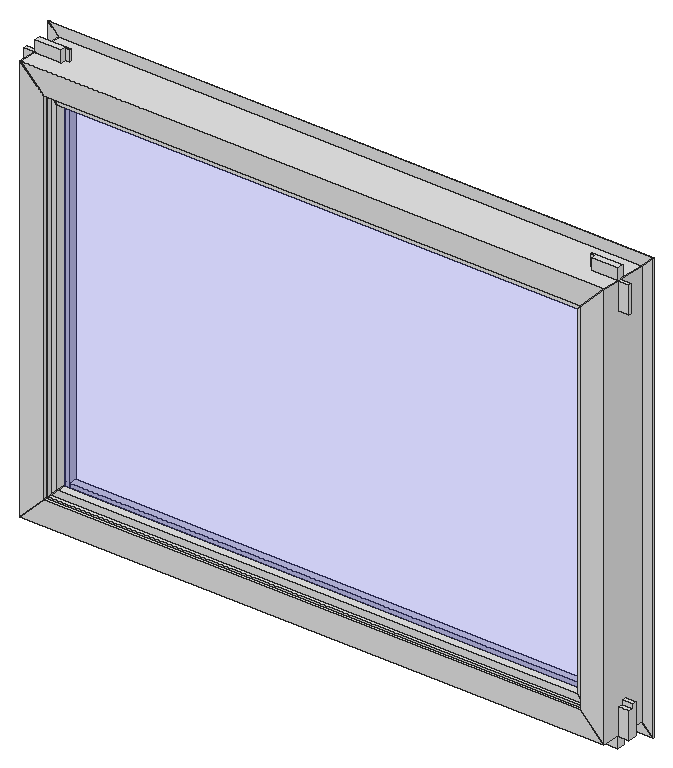
Revit family "511_AWN_DBS_nailfin", category Windows, host Wall, Revit 2019
Family settings
  Host = Wall
  OmniClass Number = 23.30.20.00
  OmniClass Title = Windows
  Always vertical = Yes
  Cut with Voids When Loaded = No
  Shared = No
  Room Calculation Point = No
Parameters (values of type "60x42 Max")
  Setback [instance] = 0"
  MLW = 1 / 8 * Width  # 7 1/2"
  Interior Color [instance] = White
  Height = 42"
  Exterior Color [instance] = White
  Default Sill Height = 31.49606"
  Wall Closure = By host
  Width = 60"
Types (41): name | MLW | Height | Width
  (no name) | 7 1/2" | 42" | 60"
  24x24 | 3" | 24" | 24"
  36x36 | 4 1/2" | 36" | 36"
  24x30 | 3" | 30" | 24"
  24x18 | 3" | 18" | 24"
  24x36 | 3" | 36" | 24"
  24x42 | 3" | 42" | 24"
  18x18 Min | 2 1/4" | 18" | 18"
  18x24 | 2 1/4" | 24" | 18"
  18x30 | 2 1/4" | 30" | 18"
  18x36 | 2 1/4" | 36" | 18"
  18x42 | 2 1/4" | 42" | 18"
  30x18 | 3 3/4" | 18" | 30"
  30x24 | 3 3/4" | 24" | 30"
  30x30 | 3 3/4" | 30" | 30"
  30x36 | 3 3/4" | 36" | 30"
  30x42 | 3 3/4" | 42" | 30"
  36x18 | 4 1/2" | 18" | 36"
  36x24 | 4 1/2" | 24" | 36"
  36x30 | 4 1/2" | 30" | 36"
  36x42 | 4 1/2" | 42" | 36"
  42x18 | 5 1/4" | 18" | 42"
  42x24 | 5 1/4" | 24" | 42"
  42x30 | 5 1/4" | 30" | 42"
  42x36 | 5 1/4" | 36" | 42"
  42x42 | 5 1/4" | 42" | 42"
  48x18 | 6" | 18" | 48"
  48x24 | 6" | 24" | 48"
  48x30 | 6" | 30" | 48"
  48x36 | 6" | 36" | 48"
  48x42 | 6" | 42" | 48"
  54x18 | 6 3/4" | 18" | 54"
  54x24 | 6 3/4" | 24" | 54"
  54x30 | 6 3/4" | 30" | 54"
  54x36 | 6 3/4" | 36" | 54"
  54x42 | 6 3/4" | 42" | 54"
  60x18 | 7 1/2" | 18" | 60"
  60x24 | 7 1/2" | 24" | 60"
  60x30 | 7 1/2" | 30" | 60"
  60x36 | 7 1/2" | 36" | 60"
  60x42 Max | 7 1/2" | 42" | 60"
Reference planes (in)
  plane 1 "Center (Front/Back)": y = 0
  plane 2 "Center (Left/Right)": x = -0.4862
  plane 3 "Left": x = -30.4862
  plane 4 "Right": x = 29.5138
  plane 5 "Sill": z = 31.49606
  plane 6 "Head": z = 73.49606
  plane 7 "Exterior": y = 3.93701
  plane 8 "Interior": y = -3.93701
  plane 9 "Front of wall": y = 3.93701
  plane 10: z = 33.55806
  plane 11: z = 71.45106
  plane 12: x = 28.4232
  plane 13 "Offset": y = 3.93701
  plane 14: y = 3.12451
  plane 15 "Center of Glass": y = 0.90127
Forms (in)
  Sweep 1, void
    path in 3D
      loop
        line (27.84347, 1.49951, 73.49606) -> (27.84347, 10.39845, 73.49606)
    profile origin (27.84347, 5.94898, 73.49606) x (-1, 0, 0) y (0, 0, 1)
      loop
        line (-3.37198, 1.70165) -> (0.95417, -2.6245) -> (0.95417, -3.18759) -> (2.45417, -3.18759) -> (2.45417, 1.70165) -> (-3.37198, 1.70165)
  Sweep 2, void
    path in 3D
      loop
        line (27.84347, 1.12165, 73.49606) -> (27.84347, 5.72292, 73.49606)
    profile origin (27.84347, 3.42229, 73.49606) x (-1, 0, 0) y (0, 0, 1)
      loop
        line (0.95417, -2.6245) -> (-3.6734, 2.00306) -> (-3.6734, -5) -> (0.95417, -5) -> (0.95417, -2.6245)
  Sweep 3, void
    path in 3D
      loop
        line (-28.46175, 5.23392, 73.49606) -> (-28.46175, 1.48392, 73.49606)
    profile origin (-28.46175, 3.35892, 73.49606) x (1, 0, 0) y (0, 0, 1)
      loop
        line (-3.4761, 1.45165) -> (0.60005, -2.6245) -> (0.60005, -3.18759) -> (3.78805, -3.18759) -> (3.78805, 1.45165) -> (-3.4761, 1.45165)
  Sweep 4, void
    path in 3D
      loop
        line (-28.46175, 5.23392, 73.49606) -> (-28.46175, 1.23392, 73.49606)
    profile origin (-28.46175, 3.23392, 73.49606) x (1, 0, 0) y (0, 0, 1)
      loop
        line (-4.10729, 2.08284) -> (-4.10729, -5.10876) -> (0.60005, -5.10876) -> (0.60005, -2.6245) -> (-4.10729, 2.08284)
  Sweep 5, void
    path in 3D
      loop
        line (-26.96175, 5.23392, 31.49606) -> (-26.96175, 1.73392, 31.49606)
    profile origin (-26.96175, 3.48392, 31.49606) x (1, 0, 0) y (0, 0, 1)
      loop
        line (-5.06956, -1.54511) -> (1.62765, -1.54511) -> (1.62765, 3.18759) -> (-0.89995, 3.18759) -> (-0.89995, 2.6245) -> (-5.06956, -1.54511)
  Sweep 6, void
    path in 3D
      loop
        line (-26.96175, 5.23392, 31.49606) -> (-26.96175, 1.48392, 31.49606)
    profile origin (-26.96175, 3.35892, 31.49606) x (1, 0, 0) y (0, 0, 1)
      loop
        line (-0.89995, 2.6245) -> (-0.89995, 5.03805) -> (-5.14995, 5.03805) -> (-5.14995, -1.6255) -> (-0.89995, 2.6245)
  Sweep 7, void
    path in 3D
      loop
        line (26.34347, 5.64845, 31.49606) -> (26.34347, 1.76169, 31.49606)
    profile origin (26.34347, 3.70507, 31.49606) x (1, 0, 0) y (0, 0, 1)
      loop
        line (5.80857, -2.63824) -> (5.80857, 4.43198) -> (0.54583, 4.43198) -> (0.54583, 2.6245) -> (5.80857, -2.63824)
  Extrusion 8, void
    sketch origin (0, 3.93701, 0) x (1, 0, 0) y (0, 0, 1)
      loop
        line (-32.56904, 75.5789) -> (-32.56904, 68.24606) -> (-25.2362, 68.24606) -> (-32.56904, 75.5789)
    from 3.10843 to 19.25
  Extrusion 9, void
    sketch origin (0, 3.93701, 0) x (1, 0, 0) y (0, 0, 1)
      loop
        line (-32.73412, 75.74399) -> (-25.97636, 68.98622) -> (-25.97636, 75.74399) -> (-32.73412, 75.74399)
    from 3.10843 to 19.25
  Extrusion 10, void
    sketch origin (0, 3.93701, 0) x (1, 0, 0) y (0, 0, 1)
      loop
        line (30.6388, 74.62106) -> (24.72636, 74.62106) -> (24.72636, 68.70862) -> (30.6388, 74.62106)
    from 3.03574 to 11.43382
  Extrusion 11, void
    sketch origin (0, 3.93701, 0) x (1, 0, 0) y (0, 0, 1)
      loop
        line (32.77364, 76.75591) -> (24.07621, 68.05847) -> (32.77364, 68.05847) -> (32.77364, 76.75591)
    from 3.03574 to 19.25
  Extrusion 12, void
    sketch origin (0, 3.93701, 0) x (1, 0, 0) y (0, 0, 1)
      loop
        line (32.15627, 28.8536) -> (23.97636, 37.03351) -> (23.97636, 28.8536) -> (32.15627, 28.8536)
    from 3.03856 to 17.25
  Extrusion 13, void
    sketch origin (0, 3.93701, 0) x (1, 0, 0) y (0, 0, 1)
      loop
        line (31.77364, 29.23622) -> (31.77364, 37.93366) -> (23.07621, 37.93366) -> (31.77364, 29.23622)
    from 3.03856 to 17.25
  Extrusion 14, void
    sketch origin (0, 3.93701, 0) x (1, 0, 0) y (0, 0, 1)
      loop
        line (-23.4862, 38.49606) -> (-33.65704, 38.49606) -> (-33.65704, 28.32522) -> (-23.4862, 38.49606)
    from 3.14551 to 17.25
  Extrusion 15, void
    sketch origin (0, 3.93701, 0) x (1, 0, 0) y (0, 0, 1)
      loop
        line (-32.9862, 28.99606) -> (-24.97636, 28.99606) -> (-24.97636, 37.00591) -> (-32.9862, 28.99606)
    from 3.14551 to 17.25
  Extrusion 16, solid, material "White" <- "Interior Color"
    sketch origin (0, 0, 31.49606) x (0, -1, 0) y (1, 0, 0)
      loop
        line (0.98299, -30.4862) -> (0.98299, -28.1112) -> (0.60799, -28.1112) -> (0.60799, -27.9232) -> (0.28299, -27.9232) -> (0.28299, -27.2367) -> (-0.60451, -27.2367) -> (-0.60451, -27.7367) -> (-1.34901, -27.7367) -> (-1.34901, -27.2987) -> (-2.12701, -27.2987) -> (-2.12701, -27.8617) -> (-2.16701, -27.8617) -> (-2.16701, -29.86882) -> (-2.57636, -29.92635) -> (-5.01701, -30.05432) -> (-5.01701, -30.4862) -> (-4.01701, -30.4862) -> (-4.01701, -31.6112) -> (-3.93701, -31.6112) -> (-3.93701, -30.4862) -> (0.98299, -30.4862)
    from -1.125 to 43.125
  Extrusion 17, solid, material "White" <- "Interior Color"
    sketch origin (29.5138, 0, 0) x (0, -1, 0) y (0, 0, 1)
      loop
        line (0.98299, 73.49606) -> (-3.93701, 73.49606) -> (-3.93701, 74.62106) -> (-4.01701, 74.62106) -> (-4.01701, 73.49606) -> (-5.01701, 73.49606) -> (-5.01701, 73.06418) -> (-2.57636, 72.93622) -> (-2.16701, 72.87868) -> (-2.16701, 70.87156) -> (-2.12701, 70.87156) -> (-2.12701, 70.30856) -> (-1.34901, 70.30856) -> (-1.34901, 70.74656) -> (-0.60451, 70.74656) -> (-0.60451, 70.24656) -> (0.28299, 70.24656) -> (0.28299, 70.93306) -> (0.60799, 70.93306) -> (0.60799, 71.12106) -> (0.98299, 71.12106) -> (0.98299, 73.49606)
    from -1.125 to 61.125
  Extrusion 18, solid, material "White" <- "Interior Color"
    sketch origin (29.5138, 0, 0) x (0, -1, 0) y (0, 0, 1)
      loop
        line (0.98299, 31.49606) -> (0.98299, 33.87106) -> (0.60799, 33.87106) -> (0.60799, 34.05906) -> (0.28299, 34.05906) -> (0.28299, 34.74556) -> (-0.60451, 34.74556) -> (-0.60451, 34.24556) -> (-1.34901, 34.24556) -> (-1.34901, 34.68356) -> (-2.12701, 34.68356) -> (-2.12701, 34.12056) -> (-2.16701, 34.12056) -> (-2.16701, 32.11344) -> (-2.57636, 32.05591) -> (-5.01701, 31.92794) -> (-5.01701, 31.49606) -> (-4.01701, 31.49606) -> (-4.01701, 30.37106) -> (-3.93701, 30.37106) -> (-3.93701, 31.49606) -> (0.98299, 31.49606)
    from -1.125 to 61.125
  Extrusion 19, solid, material "White" <- "Interior Color"
    sketch origin (0, 0, 31.49606) x (0, -1, 0) y (1, 0, 0)
      loop
        line (0.98299, 29.5138) -> (-3.93701, 29.5138) -> (-3.93701, 30.6388) -> (-4.01701, 30.6388) -> (-4.01701, 29.5138) -> (-5.01701, 29.5138) -> (-5.01701, 29.08192) -> (-2.57636, 28.95395) -> (-2.16701, 28.89642) -> (-2.16701, 26.8893) -> (-2.12701, 26.8893) -> (-2.12701, 26.3263) -> (-1.34901, 26.3263) -> (-1.34901, 26.7643) -> (-0.60451, 26.7643) -> (-0.60451, 26.2643) -> (0.28299, 26.2643) -> (0.28299, 26.9508) -> (0.60799, 26.9508) -> (0.60799, 27.1388) -> (0.98299, 27.1388) -> (0.98299, 29.5138)
    from -1.125 to 43.125
  Extrusion 20, void
    sketch origin (0, 3.93701, 0) x (1, 0, 0) y (0, 0, 1)
      loop
        line (24.9426, 34.68366) -> (24.9426, 28.81726) -> (32.1926, 28.81726) -> (26.8893, 34.12056) -> (26.8893, 34.68366) -> (24.9426, 34.68366)
    from -6.0613 to 2.3486
  Extrusion 21, solid, material "Glass"
    sketch origin (29.5138, 0, 0) x (0, -1, 0) y (0, 0, 1)
      loop
        line (-1.34901, 70.74656) -> (-1.34901, 34.24556) -> (-0.60451, 34.24556) -> (-0.60451, 70.74656) -> (-1.34901, 70.74656)
    from 2.7495 to 57.2505
Cuts and joins
  Sweep 2, Sweep 4, Extrusion 8, Extrusion 11 cuts Extrusion 17
  Sweep 3, Sweep 5, Extrusion 9, Extrusion 15 cuts Extrusion 16
  Sweep 6, Sweep 7, Extrusion 13, Extrusion 14 cuts Extrusion 18
  Sweep 1, Extrusion 10, Extrusion 12, Extrusion 20 cuts Extrusion 19
Lines and regions (in)
  Opening 1
    outline origin (137.79528, -3.93701, 0) x (1, 0, 0) y (0, 0, 1)
      loop
        line (-108.28148, 31.49606) -> (-108.28148, 73.49606) -> (-168.28148, 73.49606) -> (-168.28148, 31.49606) -> (-108.28148, 31.49606)
  reference lines
    curve 1: line (-28.46175, 5.23392, 73.49606) -> (-28.46175, 1.23392, 73.49606)
    curve 2: line (-26.96175, 5.23392, 31.49606) -> (-26.96175, 1.48392, 31.49606)
    curve 3: line (26.34347, 5.64845, 31.49606) -> (26.34347, 1.99563, 31.49606)
    curve 4: line (27.84347, 5.64845, 73.49606) -> (27.84347, 1.64845, 73.49606)
  sketch lines
    curve 5: line (27.84347, 1.49951, 73.49606) -> (27.84347, 10.39845, 73.49606)
    curve 6: line (27.84347, 1.12165, 73.49606) -> (27.84347, 5.72292, 73.49606)
    curve 7: line (-28.46175, 5.23392, 73.49606) -> (-28.46175, 1.48392, 73.49606)
    curve 8: line (-28.46175, 5.23392, 73.49606) -> (-28.46175, 1.23392, 73.49606)
    curve 9: line (-26.96175, 5.23392, 31.49606) -> (-26.96175, 1.73392, 31.49606)
    curve 10: line (-26.96175, 5.23392, 31.49606) -> (-26.96175, 1.48392, 31.49606)
    curve 11: line (26.34347, 5.64845, 31.49606) -> (26.34347, 1.76169, 31.49606)
  model lines
    curve 12: line (26.32621, 0.90127, 34.68366) -> (-0.4862, 0.90127, 70.30847)
    curve 13: line (-0.4862, 0.90127, 70.30847) -> (-27.29861, 0.90127, 34.68366)
  symbolic lines
    curve 14: line (26.32621, 3.93701, 34.68366) -> (-0.4862, 3.93701, 70.30847)
    curve 15: line (-0.4862, 3.93701, 70.30847) -> (-27.29861, 3.93701, 34.68366)
Text (in)
  text "EXTERIOR" at (-77.29147, 52.45485, 0), in view "Ref. Level"
  text "INTERIOR" at (-78.01048, -32.21994, 0), in view "Ref. Level"
  text "Exterior" at (0, 36.36817, 115.8778), in view "Right"
  text "Exterior" at (0, 40.96394, 105.72475), in view "Left"
Dimensions and locks (in)
  equal spacing: plane 3 "Left", plane 2 "Center (Left/Right)", plane 4 "Right"
  plane 3 "Left" to plane 4 "Right" = 60"
  "Height": plane 5 "Sill" to plane 6 "Head"
  "Default Sill Height": plane 5 "Sill" to level
  locked: plane 7 "Exterior" to host wall at 0
  locked: plane 8 "Interior" to host wall
  locked: plane 5 "Sill" to plane 10 at 2.062
  locked: plane 11 to plane 6 "Head" at 2.045
  plane 12 to plane 4 "Right" = 1.0906"
  plane 5 "Sill" to plane 6 "Head" = 42"
  plane 6 "Head" to plane 5 "Sill" = 42"
  locked: curve 4 to plane 13 "Offset" at 2.28856
  locked: plane 13 "Offset" to curve 4 at 1.71144
  locked: curve 1 to plane 13 "Offset" at 2.70308
  locked: plane 13 "Offset" to curve 1 at 1.29692
  plane 9 "Front of wall" to plane 14 = 13/16"
  "Setback": plane 13 "Offset" to plane 9 "Front of wall"
  locked: Extrusion 17 to plane 3 "Left" at 1.125
  locked: plane 6 "Head" to Extrusion 16 at 1.125
  locked: Extrusion 16 to plane 5 "Sill" at 1.125
  locked: Extrusion 18 to plane 3 "Left" at 1.125
  locked: Extrusion 17 to plane 4 "Right" at 1.125
  locked: plane 3 "Left" to Sweep 3 sketch curve at 5.8125
  locked: Sweep 3 sketch curve to plane 3 "Left" at 1.45165
  locked: plane 3 "Left" to Sweep 3 sketch curve at 2.6245
  locked: Sweep 4 sketch curve to plane 3 "Left" at 2.08284
  locked: plane 3 "Left" to Sweep 4 sketch curve at 2.6245
  locked: plane 3 "Left" to Sweep 5 sketch curve at 5.1521
  locked: plane 3 "Left" to Sweep 5 sketch curve at 2.6245
  locked: Sweep 5 sketch curve to plane 3 "Left" at 1.54511
  locked: plane 3 "Left" to Sweep 6 sketch curve at 2.6245
  locked: Sweep 6 sketch curve to plane 3 "Left" at 1.6255
  locked: Extrusion 19 to plane 5 "Sill" at 1.125
  locked: plane 6 "Head" to Extrusion 19 at 1.125
  plane 13 "Offset" to Extrusion 20 = 2.3486"
  locked: plane 3 "Left" to Extrusion 9 sketch curve at 4.50984
  locked: Extrusion 9 sketch curve to plane 6 "Head" at 2.24792
  locked: plane 6 "Head" to Extrusion 8 sketch curve at 5.25
  locked: Extrusion 8 sketch curve to plane 3 "Left" at 2.08284
  locked: plane 4 "Right" to Extrusion 11 sketch curve at 3.25984
  locked: plane 6 "Head" to Extrusion 11 sketch curve at 5.43759
  locked: Extrusion 10 sketch curve to plane 6 "Head" at 1.125
  locked: Extrusion 10 sketch curve to plane 4 "Right" at 4.78744
  locked: plane 5 "Sill" to Extrusion 12 sketch curve at 2.64247
  locked: plane 4 "Right" to Extrusion 12 sketch curve at 5.53744
  locked: Extrusion 13 sketch curve to plane 5 "Sill" at 6.43759
  locked: plane 4 "Right" to Extrusion 13 sketch curve at 2.25984
  locked: plane 5 "Sill" to Extrusion 15 sketch curve at 2.5
  locked: plane 3 "Left" to Extrusion 15 sketch curve at 5.50984
  locked: Extrusion 14 sketch curve to plane 5 "Sill" at 7
  locked: Extrusion 14 sketch curve to plane 3 "Left" at 3.17084
  locked: plane 13 "Offset" to Extrusion 13 at 3.03856
  Extrusion 13 to curve 3 = 5.43018"
  locked: plane 13 "Offset" to Extrusion 12 at 3.03856
  locked: plane 13 "Offset" to Extrusion 14 at 3.14551
  locked: plane 13 "Offset" to Extrusion 15 at 3.14551
  locked: plane 13 "Offset" to Extrusion 8 at 3.10843
  locked: plane 13 "Offset" to Extrusion 9 at 3.10843
  locked: plane 13 "Offset" to Extrusion 11 at 3.03574
  locked: plane 13 "Offset" to Extrusion 10 at 3.03574
  locked: Sweep 1 sketch curve to plane 4 "Right" at 4.1245
  locked: Sweep 1 sketch curve to plane 4 "Right" at 2.6245
  locked: plane 6 "Head" to Sweep 1 sketch curve at 1.70165
  locked: Sweep 1 sketch curve to plane 6 "Head" at 3.18759
  locked: Sweep 2 sketch curve to plane 6 "Head" at 5
  locked: plane 4 "Right" to Sweep 2 sketch curve at 2.00306
  locked: Sweep 2 sketch curve to plane 4 "Right" at 2.6245
  locked: Extrusion 20 to plane 13 "Offset" at 2.3486
  locked: curve 2 to plane 13 "Offset" at 2.45308
  locked: curve 3 to plane 13 "Offset" at 1.94138
  locked: plane 5 "Sill" to Extrusion 21 sketch curve at 2.7495
  locked: Extrusion 21 sketch curve to plane 6 "Head" at 2.7495
  locked: plane 13 "Offset" to Extrusion 21 sketch curve at 2.588
  locked: plane 13 "Offset" to Extrusion 21 sketch curve at 3.3325
  locked: Extrusion 21 to plane 4 "Right" at 2.7495
  locked: plane 3 "Left" to Extrusion 21 at 2.7495
  locked: plane 3 "Left" to curve 13 at 3.18759
  locked: plane 5 "Sill" to curve 13 at 3.18759
  locked: plane 5 "Sill" to curve 12 at 3.18759
  locked: curve 12 to plane 4 "Right" at 3.18759
  equal spacing: plane 3 "Left", curve 13, plane 4 "Right"
  locked: curve 13 to plane 6 "Head" at 3.18759
  "Width": plane 3 "Left" to plane 4 "Right"
  locked: Extrusion 9 sketch curve to plane 3 "Left" at 2.24792
  locked: Extrusion 15 sketch curve to plane 3 "Left" at 2.5
  locked: Extrusion 17 sketch curve to plane 13 "Offset" at 0.08
  locked: Extrusion 17 sketch curve to plane 13 "Offset" at 1.08
  locked: plane 13 "Offset" to Extrusion 17 sketch curve at 1.36065
  locked: plane 13 "Offset" to Extrusion 17 sketch curve at 1.77
  locked: plane 13 "Offset" to Extrusion 17 sketch curve at 1.80999
  locked: plane 13 "Offset" to Extrusion 17 sketch curve at 2.588
  locked: plane 13 "Offset" to Extrusion 17 sketch curve at 3.3325
  locked: plane 13 "Offset" to Extrusion 17 sketch curve at 4.22
  locked: plane 13 "Offset" to Extrusion 17 sketch curve at 4.545
  locked: plane 13 "Offset" to Extrusion 17 sketch curve at 4.92
  locked: Extrusion 17 sketch curve to plane 6 "Head" at 0.43188
  locked: Extrusion 17 sketch curve to plane 6 "Head" at 3.1875
  locked: Extrusion 17 sketch curve to plane 6 "Head" at 3.2495
  locked: Extrusion 17 sketch curve to plane 6 "Head" at 0.55985
  locked: Extrusion 17 sketch curve to plane 6 "Head" at 0.61738
  locked: Extrusion 18 sketch curve to plane 13 "Offset" at 1.08
  locked: Extrusion 18 sketch curve to plane 13 "Offset" at 0.08
  locked: plane 13 "Offset" to Extrusion 18 sketch curve at 1.36065
  locked: plane 13 "Offset" to Extrusion 18 sketch curve at 1.77
  locked: plane 13 "Offset" to Extrusion 18 sketch curve at 1.80999
  locked: plane 13 "Offset" to Extrusion 18 sketch curve at 2.588
  locked: plane 13 "Offset" to Extrusion 18 sketch curve at 3.3325
  locked: plane 13 "Offset" to Extrusion 18 sketch curve at 4.22
  locked: plane 13 "Offset" to Extrusion 18 sketch curve at 4.545
  locked: plane 13 "Offset" to Extrusion 18 sketch curve at 4.92
  locked: plane 5 "Sill" to Extrusion 18 sketch curve at 0.43188
  plane 5 "Sill" to Extrusion 18 sketch curve = 0.53111"
  locked: plane 5 "Sill" to Extrusion 18 sketch curve at 0.55985
  locked: plane 5 "Sill" to Extrusion 18 sketch curve at 3.1875
  locked: plane 5 "Sill" to Extrusion 18 sketch curve at 3.2495
  locked: plane 13 "Offset" to Extrusion 16 sketch curve at 0.08
  locked: plane 13 "Offset" to Extrusion 16 sketch curve at 1.08
  locked: Extrusion 16 sketch curve to plane 13 "Offset" at 1.36065
  locked: Extrusion 16 sketch curve to plane 13 "Offset" at 1.77
  locked: Extrusion 16 sketch curve to plane 13 "Offset" at 1.80999
  locked: Extrusion 16 sketch curve to plane 13 "Offset" at 2.588
  locked: Extrusion 16 sketch curve to plane 13 "Offset" at 3.3325
  locked: Extrusion 16 sketch curve to plane 13 "Offset" at 4.22
  locked: Extrusion 16 sketch curve to plane 13 "Offset" at 4.92
  locked: plane 3 "Left" to Extrusion 16 sketch curve at 0.55985
  locked: plane 3 "Left" to Extrusion 16 sketch curve at 0.61738
  locked: plane 3 "Left" to Extrusion 16 sketch curve at 3.1875
  locked: plane 3 "Left" to Extrusion 16 sketch curve at 3.2495
  locked: plane 3 "Left" to Extrusion 16 sketch curve at 2.7495
  locked: plane 3 "Left" to Extrusion 16 sketch curve at 2.563
  locked: plane 13 "Offset" to Extrusion 19 sketch curve at 1.08
  locked: plane 13 "Offset" to Extrusion 19 sketch curve at 0.08
  locked: Extrusion 19 sketch curve to plane 13 "Offset" at 1.36065
  locked: Extrusion 19 sketch curve to plane 13 "Offset" at 1.77
  locked: Extrusion 19 sketch curve to plane 13 "Offset" at 1.80999
  locked: Extrusion 19 sketch curve to plane 13 "Offset" at 2.588
  locked: Extrusion 19 sketch curve to plane 13 "Offset" at 3.3325
  locked: Extrusion 19 sketch curve to plane 13 "Offset" at 4.22
  locked: Extrusion 19 sketch curve to plane 13 "Offset" at 4.545
  locked: Extrusion 19 sketch curve to plane 13 "Offset" at 4.92
  locked: Extrusion 19 sketch curve to plane 4 "Right" at 0.43188
  locked: Extrusion 19 sketch curve to plane 4 "Right" at 0.55985
  locked: Extrusion 19 sketch curve to plane 4 "Right" at 0.61738
  locked: Extrusion 19 sketch curve to plane 4 "Right" at 3.1875
  locked: Extrusion 19 sketch curve to plane 4 "Right" at 3.2495
  locked: Extrusion 19 sketch curve to plane 4 "Right" at 2.7495
  locked: plane 13 "Offset" to plane 15 "Center of Glass" at 3.03574
  locked: plane 5 "Sill" to curve 15 at 3.18759
  locked: plane 3 "Left" to curve 15 at 3.18759
  locked: curve 14 to plane 4 "Right" at 3.18759
  locked: plane 5 "Sill" to curve 14 at 3.18759
  curve 15 to plane 6 "Head" = 3.18759"
  equal spacing: plane 3 "Left", curve 15, plane 4 "Right"
  aligned and locked: plane 9 "Front of wall" to host wall
  aligned and locked: plane 6 "Head" to Extrusion 17 sketch curve  (x2)
  aligned and locked: Extrusion 17 sketch curve to plane 13 "Offset"
  aligned and locked: plane 5 "Sill" to Extrusion 18 sketch curve  (x2)
  aligned and locked: plane 13 "Offset" to Extrusion 18 sketch curve
  aligned and locked: plane 3 "Left" to Extrusion 16 sketch curve  (x2)
  aligned and locked: plane 13 "Offset" to Extrusion 16 sketch curve
  aligned and locked: Extrusion 19 sketch curve to plane 13 "Offset"
  aligned and locked: plane 4 "Right" to Extrusion 19 sketch curve  (x2)
Automatic sketch dimensions
  profile plane to Sweep 3 sketch curve = 1.45165"
  Sweep 3 sketch curve to profile plane = 2.6245"
  Sweep 3 sketch curve to profile plane = 3.18759"
  profile plane to Sweep 4 sketch curve = 2.08284"
  Sweep 4 sketch curve to profile plane = 2.6245"
  Sweep 4 sketch curve to profile plane = 5.10876"
  Sweep 5 sketch curve to profile plane = 1.54511"
  profile plane to Sweep 5 sketch curve = 2.6245"
  profile plane to Sweep 5 sketch curve = 3.18759"
  Sweep 6 sketch curve to profile plane = 1.6255"
  profile plane to Sweep 6 sketch curve = 2.6245"
  Sweep 6 sketch curve to Sweep 6 sketch curve = 2.41355"
  Sweep 7 sketch curve to profile plane = 0.54583"
  Sweep 7 sketch curve to Sweep 7 sketch curve = 5.26274"
  Sweep 7 sketch curve to profile plane = 2.63824"
  profile plane to Sweep 7 sketch curve = 2.6245"
  profile plane to Sweep 7 sketch curve = 4.43198"
  Extrusion 15 sketch curve to plane 10 = 3.44784"
  curve 1 to plane 3 "Left" = 2.02445"
  plane 12 to curve 4 = 0.57973"
  curve 2 to plane 3 "Left" = 3.52445"
  host wall to curve 2 = 1.29692"
  host wall to curve 3 = 1.71144"
  plane 12 to curve 3 = 2.07973"
  plane 11 to Extrusion 9 sketch curve = 2 119/256"
  plane 3 "Left" to Opening 1 sketch curve = 0"
  plane 4 "Right" to Opening 1 sketch curve = 0"
  Opening 1 sketch curve to plane 5 "Sill" = 0"
  Opening 1 sketch curve to plane 6 "Head" = 0"
  profile plane to Sweep 1 sketch curve = 3.37198"
  Sweep 1 sketch curve to Sweep 1 sketch curve = 0.56309"
  Sweep 2 sketch curve to Sweep 2 sketch curve = 2.3755"
  profile plane to Sweep 2 sketch curve = 2.00306"
  Extrusion 8 sketch curve to plane 3 "Left" = 5 1/4"
  Extrusion 8 sketch curve to plane 6 "Head" = 2.08284"
  Extrusion 10 sketch curve to plane 4 "Right" = 1 1/8"
  plane 11 to Extrusion 10 sketch curve = 2.74244"
  plane 12 to Extrusion 11 sketch curve = 4.34699"
  Extrusion 11 sketch curve to plane 6 "Head" = 3.25984"
  Extrusion 12 sketch curve to plane 4 "Right" = 2.64247"
  Extrusion 12 sketch curve to plane 10 = 3.47544"
  plane 12 to Extrusion 13 sketch curve = 5.34699"
  plane 5 "Sill" to Extrusion 13 sketch curve = 2.25984"
  Extrusion 14 sketch curve to plane 3 "Left" = 7"
  plane 5 "Sill" to Extrusion 14 sketch curve = 3.17084"
  Extrusion 16 sketch curve to Extrusion 16 sketch curve = 0.325"
  Extrusion 16 sketch curve to Extrusion 16 sketch curve = 1 1/8"
  Extrusion 16 sketch curve to plane 3 "Left" = 0.43188"
  Extrusion 16 sketch curve to Extrusion 16 sketch curve = 0.188"
  Extrusion 16 sketch curve to Extrusion 16 sketch curve = 0.563"
  Extrusion 17 sketch curve to Extrusion 17 sketch curve = 1/2"
  Extrusion 17 sketch curve to Extrusion 17 sketch curve = 0.563"
  plane 11 to Extrusion 17 sketch curve = 0.518"
  Extrusion 17 sketch curve to Extrusion 17 sketch curve = 0.188"
  Extrusion 17 sketch curve to plane 6 "Head" = 1 1/8"
  Extrusion 18 sketch curve to Extrusion 18 sketch curve = 1 1/8"
  Extrusion 18 sketch curve to Extrusion 18 sketch curve = 0.05753"
  Extrusion 18 sketch curve to plane 10 = 0.313"
  Extrusion 18 sketch curve to Extrusion 18 sketch curve = 0.188"
  Extrusion 18 sketch curve to plane 10 = 9/16"
  Extrusion 18 sketch curve to Extrusion 18 sketch curve = 1/2"
  Extrusion 20 sketch curve to plane 10 = 1.12559"
  plane 12 to Extrusion 20 sketch curve = 3.4806"
  Extrusion 20 sketch curve to plane 10 = 9/16"
  plane 12 to Extrusion 20 sketch curve = 1.5339"
  Extrusion 20 sketch curve to plane 4 "Right" = 2.6788"
  plane 5 "Sill" to Extrusion 20 sketch curve = 2.6788"
  Extrusion 19 sketch curve to Extrusion 19 sketch curve = 0.563"
  Extrusion 19 sketch curve to Extrusion 19 sketch curve = 0.6865"
  Extrusion 19 sketch curve to Extrusion 19 sketch curve = 0.188"
  Extrusion 19 sketch curve to Extrusion 19 sketch curve = 1 1/8"
